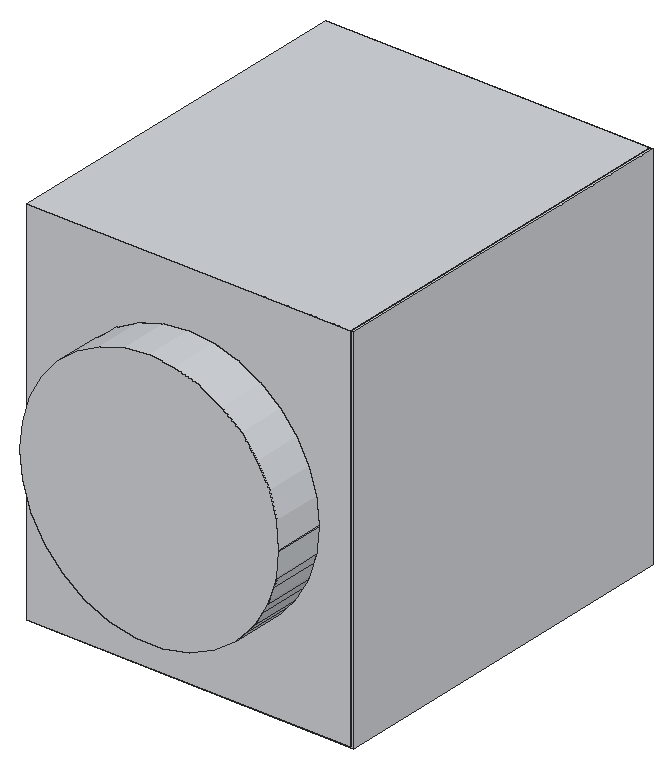
Revit family "M_Plenum de saída VAV - Cotovelo", category Conexões de duto, Revit 2019
Family settings
  Cota do conector redondo = Usar raio
  Tipo de parte = Cotovelo
  Número OmniClass = 23.75.70.11.14.24
  Título OmniClass = Air Mixers
  ID de item do Seek = VAV Outlet Plenum - Elbow-0000-CAN-ENU
  Com base no plano de trabalho = Não
  Sempre na vertical = Sim
  Corte com vazios quando carregada = Não
  Compartilhado = Não
Parameters (values of type "Padrão")
  Comprimento do plenum = 250 mm
  Espessura de revestimento = 0 mm
  Comprimento 2 = 38.1 mm + Espessura do isolamento  # 38.1 mm
  Comprimento 1 = 12.7 mm + Espessura do isolamento  # 12.7 mm
  Espessura do isolamento = 0 mm
  Largura do duto = 250 mm
  Raio do duto = Diâmetro do duto / 2  # 100 mm
  Raio do revestimento do duto = Raio do duto - Espessura de revestimento  # 100 mm
  Raio do isolamento de duto = Raio do duto + Espessura do isolamento  # 100 mm
  Altura do duto = 250 mm
  Diâmetro do duto = 200 mm
Reference planes
  plane 1 "Centro (Frente/Trás)": y = 0
  plane 2: z = 0
  plane 3 "Centro (Esquerda/Direita)": x = 0
  plane 4: x = -125
  plane 5: x = 125
  plane 6: y = 144.05
  plane 7: y = -144.05
  plane 8: x = -137.7
  plane 9: z = -144.05
  plane 10: z = 144.05
  plane 11: y = 125
  plane 12: y = -125
  plane 13: z = 125
  plane 14: z = -125
  plane 15: y = -182.15
  plane 16: x = -125
  plane 17: x = 125
  plane 18: y = 125
  plane 19: y = -125
  plane 20: y = 144.05
  plane 21: y = -144.05
  plane 22: z = 125
  plane 23: z = -125
  plane 24: z = -144.05
  plane 25: z = 144.05
  plane 26: y = 144.05
  plane 27: y = -144.05
  plane 28: x = -125
  plane 29: x = 125
  plane 30: z = 144.05
  plane 31: z = -144.05
  plane 32: y = 125
  plane 33: y = -125
  plane 34: z = 125
  plane 35: z = -125
Forms (mm)
  Extrusion 1, solid
    sketch origin (0, 0, 0) x (1, 0, 0) y (0, 1, 0)
      loop
        line (-125, 144.05) -> (-125, -144.05) -> (127, -144.05) -> (127, 144.05) -> (-125, 144.05)
    from -144.05 to 144.05
  Extrusion 2, solid
    sketch origin (0, 0, 0) x (0, 1, 0) y (0, 0, 1)
      loop
        line (125, 125) -> (-125, 125) -> (-125, -125) -> (125, -125) -> (125, 125)
    from -137.7 to -125
  Extrusion 3, solid
    sketch origin (0, 0, 0) x (1, 0, 0) y (0, 0, 1)
      loop
        circle (0, 0) r 100
    from 144.05 to 182.15
  Extrusion 4, solid
    sketch origin (0, 0, 0) x (1, 0, 0) y (0, 1, 0)
      loop
        line (-137.7, 125) -> (-137.7, -125) -> (-125, -125) -> (-125, 125) -> (-137.7, 125)
    from -125 to 125
  Extrusion 5, solid
    sketch origin (0, 0, 0) x (1, 0, 0) y (0, 1, 0)
      loop
        line (-125, 144.05) -> (-125, -144.05) -> (125, -144.05) -> (125, 144.05) -> (-125, 144.05)
    from -144.05 to 144.05
  Extrusion 6, solid
    sketch origin (0, 0, 0) x (1, 0, 0) y (0, 0, 1)
      loop
        circle (0, 0) r 100
    from 144.05 to 182.15
  Extrusion 7, solid
    sketch origin (0, 0, 0) x (1, 0, 0) y (0, 1, 0)
      loop
        line (-125, 144.05) -> (-125, -144.05) -> (125, -144.05) -> (125, 144.05) -> (-125, 144.05)
    from -144.05 to 144.05
  Extrusion 8, solid
    sketch origin (0, 0, 0) x (1, 0, 0) y (0, 1, 0)
      loop
        line (-137.7, 125) -> (-137.7, -125) -> (-125, -125) -> (-125, 125) -> (-137.7, 125)
    from -125 to 125
  Extrusion 9, solid
    sketch origin (0, 0, 0) x (1, 0, 0) y (0, 0, 1)
      loop
        circle (0, 0) r 100
    from 144.05 to 182.15
Cuts and joins
  joined: Extrusion 4, Extrusion 5, Extrusion 6
Dimensions and locks
  equal spacing: plane 4, plane 3 "Centro (Esquerda/Direita)", plane 5
  "Comprimento do plenum": plane 4 to plane 5
  "Comprimento 1": plane 8 to plane 4
  locked: plane 6 to plane 11 at 19.05
  locked: plane 12 to plane 7 at 19.05
  locked: plane 10 to plane 13 at 19.05
  locked: plane 9 to plane 14 at 19.05
  equal spacing: plane 12, plane 1 "Centro (Frente/Trás)", plane 11
  "Largura do duto": plane 12 to plane 11
  equal spacing: plane 13, plane 2, plane 14
  "Altura do duto": plane 13 to plane 14
  "Espessura de revestimento": plane 4 to plane 16
  "Espessura de revestimento": plane 17 to plane 5
  "Espessura de revestimento": plane 11 to plane 18
  "Espessura de revestimento": plane 12 to plane 19
  "Espessura de revestimento": plane 6 to plane 20
  "Espessura de revestimento": plane 7 to plane 21
  "Espessura de revestimento": plane 22 to plane 13
  "Espessura de revestimento": plane 14 to plane 23
  "Espessura de revestimento": plane 24 to plane 9
  "Espessura de revestimento": plane 25 to plane 10
  "Espessura do isolamento": plane 26 to plane 6
  "Comprimento 2": plane 7 to plane 15
  "Espessura do isolamento": plane 27 to plane 7
  "Espessura do isolamento": plane 28 to plane 4
  "Espessura do isolamento": plane 5 to plane 29
  "Espessura do isolamento": plane 10 to plane 30
  "Espessura do isolamento": plane 31 to plane 9
  "Espessura do isolamento": plane 11 to plane 32
  "Espessura do isolamento": plane 33 to plane 12
  "Espessura do isolamento": plane 34 to plane 13
  "Espessura do isolamento": plane 35 to plane 14
  "Raio do duto": radius of Extrusion 3 sketch curve
  "Raio do revestimento do duto": radius of Extrusion 6 sketch curve
  "Raio do isolamento de duto": radius of Extrusion 9 sketch curve
  aligned and locked: plane 4 to Extrusion 1 sketch curve
  aligned and locked: Extrusion 1 sketch curve to plane 6
  aligned and locked: plane 7 to Extrusion 1 sketch curve
  aligned and locked: Extrusion 1 to plane 9
  aligned and locked: Extrusion 1 to plane 10
  aligned and locked: plane 11 to Extrusion 2 sketch curve
  aligned and locked: Extrusion 2 sketch curve to plane 13
  aligned and locked: plane 12 to Extrusion 2 sketch curve
  aligned and locked: Extrusion 2 sketch curve to plane 14
  aligned and locked: Extrusion 2 to plane 8
  aligned and locked: plane 4 to Extrusion 2
  aligned and locked: plane 2 to Extrusion 3 sketch curve
  aligned and locked: plane 3 "Centro (Esquerda/Direita)" to Extrusion 3 sketch curve
  aligned and locked: plane 7 to Extrusion 3
  aligned and locked: Extrusion 3 to plane 15
  aligned and locked: Extrusion 4 sketch curve to plane 19
  aligned and locked: plane 8 to Extrusion 4 sketch curve
  aligned and locked: Extrusion 4 sketch curve to plane 16
  aligned and locked: Extrusion 4 sketch curve to plane 18
  aligned and locked: Extrusion 4 to plane 23
  aligned and locked: plane 22 to Extrusion 4
  aligned and locked: Extrusion 5 sketch curve to plane 20
  aligned and locked: plane 17 to Extrusion 5 sketch curve
  aligned and locked: plane 16 to Extrusion 5 sketch curve
  aligned and locked: plane 24 to Extrusion 5
  aligned and locked: Extrusion 5 to plane 25
  aligned and locked: plane 2 to Extrusion 6 sketch curve
  aligned and locked: plane 3 "Centro (Esquerda/Direita)" to Extrusion 6 sketch curve
  aligned and locked: Extrusion 6 to plane 21
  aligned and locked: Extrusion 6 to plane 15
  aligned and locked: Extrusion 7 sketch curve to plane 26
  aligned and locked: plane 29 to Extrusion 7 sketch curve
  aligned and locked: Extrusion 7 sketch curve to plane 27
  aligned and locked: plane 28 to Extrusion 7 sketch curve
  aligned and locked: plane 30 to Extrusion 7
  aligned and locked: plane 31 to Extrusion 7
  aligned and locked: plane 32 to Extrusion 8 sketch curve
  aligned and locked: Extrusion 8 sketch curve to plane 33
  aligned and locked: plane 8 to Extrusion 8 sketch curve
  aligned and locked: Extrusion 8 sketch curve to plane 28
  aligned and locked: Extrusion 8 to plane 35
  aligned and locked: plane 34 to Extrusion 8
  aligned and locked: plane 3 "Centro (Esquerda/Direita)" to Extrusion 9 sketch curve
  aligned and locked: plane 2 to Extrusion 9 sketch curve
  aligned and locked: Extrusion 9 to plane 15
  aligned and locked: Extrusion 9 to plane 27
Automatic sketch dimensions
  plane 3 "Centro (Esquerda/Direita)" to Extrusion 1 sketch curve = 127 mm
  plane 19 to Extrusion 5 sketch curve = 19.05 mm
Connectors
  hvac at (-137.7, 0, 0), driven by "Largura do duto", driven by "Altura do duto"
    settings: on Extrusion 2, index 1, duct flow 0.0 L/s, flow factor 0, pres drop 0.0 Pa, loss coef 0, conn angle 0.00°, conn width 250 mm, conn height 250 mm, conn diameter 609.6 mm, duct sys type 28, conn prof type 1, flow config 0, flow direction 0, loss method 0, conn ref index 2, conn util no, is conn primary yes, conn desc ""
  hvac at (0, -182.15, 0), driven by "Raio do duto"
    settings: on Extrusion 3, index 2, duct flow 0.0 L/s, flow factor 0, pres drop 0.0 Pa, loss coef 0, conn angle 0.00°, conn width 304.8 mm, conn height 304.8 mm, conn diameter 200 mm, duct sys type 28, conn prof type 0, flow config 0, flow direction 0, loss method 0, conn ref index 1, conn util no, is conn primary no, conn desc ""
Types in the file's own list only (151): name | Comprimento do plenum | Comprimento 2 | Comprimento 1 | Largura do duto | Raio do duto | Raio do revestimento do duto | Raio do isolamento de duto | Altura do duto | Diâmetro do duto
  250x250-125 | 250 mm | 38 mm | 13 mm | 250 mm | 63 mm | 63 mm | 63 mm | 250 mm | 125 mm
  250x250-150 | 250 mm | 38 mm | 13 mm | 250 mm | 75 mm | 75 mm | 75 mm | 250 mm | 150 mm
  250x250-200 | 250 mm | 38 mm | 13 mm | 250 mm | 100 mm | 100 mm | 100 mm | 250 mm | 200 mm
  300x250-125 | 250 mm | 38 mm | 13 mm | 300 mm | 63 mm | 63 mm | 63 mm | 250 mm | 125 mm
  300x250-150 | 250 mm | 38 mm | 13 mm | 300 mm | 75 mm | 75 mm | 75 mm | 250 mm | 150 mm
  300x250-200 | 250 mm | 38 mm | 13 mm | 300 mm | 100 mm | 100 mm | 100 mm | 250 mm | 200 mm
  350x250-125 | 250 mm | 38 mm | 13 mm | 350 mm | 63 mm | 63 mm | 63 mm | 250 mm | 125 mm
  350x250-150 | 250 mm | 38 mm | 13 mm | 350 mm | 75 mm | 75 mm | 75 mm | 250 mm | 150 mm
  350x250-200 | 250 mm | 38 mm | 13 mm | 350 mm | 100 mm | 100 mm | 100 mm | 250 mm | 200 mm
  400x250-125 | 250 mm | 38 mm | 13 mm | 400 mm | 63 mm | 63 mm | 63 mm | 250 mm | 125 mm
  400x250-150 | 250 mm | 38 mm | 13 mm | 400 mm | 75 mm | 75 mm | 75 mm | 250 mm | 150 mm
  400x250-200 | 250 mm | 38 mm | 13 mm | 400 mm | 100 mm | 100 mm | 100 mm | 250 mm | 200 mm
  450x250-125 | 250 mm | 38 mm | 13 mm | 450 mm | 63 mm | 63 mm | 63 mm | 250 mm | 125 mm
  450x250-150 | 250 mm | 38 mm | 13 mm | 450 mm | 75 mm | 75 mm | 75 mm | 250 mm | 150 mm
  450x250-200 | 250 mm | 38 mm | 13 mm | 450 mm | 100 mm | 100 mm | 100 mm | 250 mm | 200 mm
  500x250-150 | 250 mm | 38 mm | 13 mm | 500 mm | 75 mm | 75 mm | 75 mm | 250 mm | 150 mm
  500x250-200 | 250 mm | 38 mm | 13 mm | 500 mm | 100 mm | 100 mm | 100 mm | 250 mm | 200 mm
  550x250-150 | 250 mm | 38 mm | 13 mm | 550 mm | 75 mm | 75 mm | 75 mm | 250 mm | 150 mm
  550x250-200 | 250 mm | 38 mm | 13 mm | 550 mm | 100 mm | 100 mm | 100 mm | 250 mm | 200 mm
  300x300-150 | 300 mm | 38 mm | 13 mm | 300 mm | 75 mm | 75 mm | 75 mm | 300 mm | 150 mm
  350x300-200 | 300 mm | 38 mm | 13 mm | 350 mm | 100 mm | 100 mm | 100 mm | 300 mm | 200 mm
  350x300-250 | 300 mm | 38 mm | 13 mm | 350 mm | 125 mm | 125 mm | 125 mm | 300 mm | 250 mm
  350x300-150 | 300 mm | 38 mm | 13 mm | 350 mm | 75 mm | 75 mm | 75 mm | 300 mm | 150 mm
  400x300-150 | 300 mm | 38 mm | 13 mm | 400 mm | 75 mm | 75 mm | 75 mm | 300 mm | 150 mm
  400x300-200 | 300 mm | 38 mm | 13 mm | 400 mm | 100 mm | 100 mm | 100 mm | 300 mm | 200 mm
  400x300-250 | 300 mm | 38 mm | 13 mm | 400 mm | 125 mm | 125 mm | 125 mm | 300 mm | 250 mm
  450x300-200 | 300 mm | 38 mm | 13 mm | 450 mm | 100 mm | 100 mm | 100 mm | 300 mm | 200 mm
  450x300-250 | 300 mm | 38 mm | 13 mm | 450 mm | 125 mm | 125 mm | 125 mm | 300 mm | 250 mm
  500x300-200 | 300 mm | 38 mm | 13 mm | 500 mm | 100 mm | 100 mm | 100 mm | 300 mm | 200 mm
  500x300-250 | 300 mm | 38 mm | 13 mm | 500 mm | 125 mm | 125 mm | 125 mm | 300 mm | 250 mm
  550x300-200 | 300 mm | 38 mm | 13 mm | 550 mm | 100 mm | 100 mm | 100 mm | 300 mm | 200 mm
  550x300-250 | 300 mm | 38 mm | 13 mm | 550 mm | 125 mm | 125 mm | 125 mm | 300 mm | 250 mm
  600x300-250 | 300 mm | 38 mm | 13 mm | 600 mm | 125 mm | 125 mm | 125 mm | 300 mm | 250 mm
  700x300-250 | 300 mm | 38 mm | 13 mm | 700 mm | 125 mm | 125 mm | 125 mm | 300 mm | 250 mm
  250x350-200 | 350 mm | 38 mm | 13 mm | 250 mm | 100 mm | 100 mm | 100 mm | 350 mm | 200 mm
  250x350-250 | 350 mm | 38 mm | 13 mm | 250 mm | 125 mm | 125 mm | 125 mm | 350 mm | 250 mm
  250x350-300 | 350 mm | 38 mm | 13 mm | 250 mm | 150 mm | 150 mm | 150 mm | 350 mm | 300 mm
  300x350-200 | 350 mm | 38 mm | 13 mm | 300 mm | 100 mm | 100 mm | 100 mm | 350 mm | 200 mm
  300x350-250 | 350 mm | 38 mm | 13 mm | 300 mm | 125 mm | 125 mm | 125 mm | 350 mm | 250 mm
  300x350-300 | 350 mm | 38 mm | 13 mm | 300 mm | 150 mm | 150 mm | 150 mm | 350 mm | 300 mm
  350x350-200 | 350 mm | 38 mm | 13 mm | 350 mm | 100 mm | 100 mm | 100 mm | 350 mm | 200 mm
  350x350-250 | 350 mm | 38 mm | 13 mm | 350 mm | 125 mm | 125 mm | 125 mm | 350 mm | 250 mm
  350x350-300 | 350 mm | 38 mm | 13 mm | 350 mm | 150 mm | 150 mm | 150 mm | 350 mm | 300 mm
  400x350-200 | 350 mm | 38 mm | 13 mm | 400 mm | 100 mm | 100 mm | 100 mm | 350 mm | 200 mm
  400x350-250 | 350 mm | 38 mm | 13 mm | 400 mm | 125 mm | 125 mm | 125 mm | 350 mm | 250 mm
  400x350-300 | 350 mm | 38 mm | 13 mm | 400 mm | 150 mm | 150 mm | 150 mm | 350 mm | 300 mm
  450x350-200 | 350 mm | 38 mm | 13 mm | 450 mm | 100 mm | 100 mm | 100 mm | 350 mm | 200 mm
  450x350-250 | 350 mm | 38 mm | 13 mm | 450 mm | 125 mm | 125 mm | 125 mm | 350 mm | 250 mm
  450x350-300 | 350 mm | 38 mm | 13 mm | 450 mm | 150 mm | 150 mm | 150 mm | 350 mm | 300 mm
  500x350-200 | 350 mm | 38 mm | 13 mm | 500 mm | 100 mm | 100 mm | 100 mm | 350 mm | 200 mm
  500x350-250 | 350 mm | 38 mm | 13 mm | 500 mm | 125 mm | 125 mm | 125 mm | 350 mm | 250 mm
  500x350-300 | 350 mm | 38 mm | 13 mm | 500 mm | 150 mm | 150 mm | 150 mm | 350 mm | 300 mm
  550x350-200 | 350 mm | 38 mm | 13 mm | 550 mm | 100 mm | 100 mm | 100 mm | 350 mm | 200 mm
  550x350-250 | 350 mm | 38 mm | 13 mm | 550 mm | 125 mm | 125 mm | 125 mm | 350 mm | 250 mm
  550x350-300 | 350 mm | 38 mm | 13 mm | 550 mm | 150 mm | 150 mm | 150 mm | 350 mm | 300 mm
  600x350-250 | 350 mm | 38 mm | 13 mm | 600 mm | 125 mm | 125 mm | 125 mm | 350 mm | 250 mm
  600x350-300 | 350 mm | 38 mm | 13 mm | 600 mm | 150 mm | 150 mm | 150 mm | 350 mm | 300 mm
  650x350-250 | 350 mm | 38 mm | 13 mm | 650 mm | 125 mm | 125 mm | 125 mm | 350 mm | 250 mm
  650x350-300 | 350 mm | 38 mm | 13 mm | 650 mm | 150 mm | 150 mm | 150 mm | 350 mm | 300 mm
  700x350-250 | 350 mm | 38 mm | 13 mm | 700 mm | 125 mm | 125 mm | 125 mm | 350 mm | 250 mm
  700x350-300 | 350 mm | 38 mm | 13 mm | 700 mm | 150 mm | 150 mm | 150 mm | 350 mm | 300 mm
  750x350-300 | 350 mm | 38 mm | 13 mm | 750 mm | 150 mm | 150 mm | 150 mm | 350 mm | 300 mm
  800x350-300 | 350 mm | 38 mm | 13 mm | 800 mm | 150 mm | 150 mm | 150 mm | 350 mm | 300 mm
  850x350-300 | 350 mm | 38 mm | 13 mm | 850 mm | 150 mm | 150 mm | 150 mm | 350 mm | 300 mm
  300x400-250 | 400 mm | 38 mm | 13 mm | 300 mm | 125 mm | 125 mm | 125 mm | 400 mm | 250 mm
  350x400-250 | 400 mm | 38 mm | 13 mm | 350 mm | 125 mm | 125 mm | 125 mm | 400 mm | 250 mm
  350x400-300 | 400 mm | 38 mm | 13 mm | 350 mm | 150 mm | 150 mm | 150 mm | 400 mm | 300 mm
  400x400-250 | 400 mm | 38 mm | 13 mm | 400 mm | 125 mm | 125 mm | 125 mm | 400 mm | 250 mm
  400x400-300 | 400 mm | 38 mm | 13 mm | 400 mm | 150 mm | 150 mm | 150 mm | 400 mm | 300 mm
  400x400-350 | 400 mm | 38 mm | 13 mm | 400 mm | 175 mm | 175 mm | 175 mm | 400 mm | 350 mm
  450x400-250 | 400 mm | 38 mm | 13 mm | 450 mm | 125 mm | 125 mm | 125 mm | 400 mm | 250 mm
  450x400-300 | 400 mm | 38 mm | 13 mm | 450 mm | 150 mm | 150 mm | 150 mm | 400 mm | 300 mm
  450x400-350 | 400 mm | 38 mm | 13 mm | 450 mm | 175 mm | 175 mm | 175 mm | 400 mm | 350 mm
  500x400-250 | 400 mm | 38 mm | 13 mm | 500 mm | 125 mm | 125 mm | 125 mm | 400 mm | 250 mm
  500x400-300 | 400 mm | 38 mm | 13 mm | 500 mm | 150 mm | 150 mm | 150 mm | 400 mm | 300 mm
  500x400-350 | 400 mm | 38 mm | 13 mm | 500 mm | 175 mm | 175 mm | 175 mm | 400 mm | 350 mm
  550x400-250 | 400 mm | 38 mm | 13 mm | 550 mm | 125 mm | 125 mm | 125 mm | 400 mm | 250 mm
  550x400-300 | 400 mm | 38 mm | 13 mm | 550 mm | 150 mm | 150 mm | 150 mm | 400 mm | 300 mm
  550x400-350 | 400 mm | 38 mm | 13 mm | 550 mm | 175 mm | 175 mm | 175 mm | 400 mm | 350 mm
  600x400-250 | 400 mm | 38 mm | 13 mm | 600 mm | 125 mm | 125 mm | 125 mm | 400 mm | 250 mm
  600x400-300 | 400 mm | 38 mm | 13 mm | 600 mm | 150 mm | 150 mm | 150 mm | 400 mm | 300 mm
  600x400-350 | 400 mm | 38 mm | 13 mm | 600 mm | 175 mm | 175 mm | 175 mm | 400 mm | 350 mm
  650x400-250 | 400 mm | 38 mm | 13 mm | 650 mm | 125 mm | 125 mm | 125 mm | 400 mm | 250 mm
  650x400-300 | 400 mm | 38 mm | 13 mm | 650 mm | 150 mm | 150 mm | 150 mm | 400 mm | 300 mm
  650x400-350 | 400 mm | 38 mm | 13 mm | 650 mm | 175 mm | 175 mm | 175 mm | 400 mm | 350 mm
  700x400-250 | 400 mm | 38 mm | 13 mm | 700 mm | 125 mm | 125 mm | 125 mm | 400 mm | 250 mm
  700x400-300 | 400 mm | 38 mm | 13 mm | 700 mm | 150 mm | 150 mm | 150 mm | 400 mm | 300 mm
  700x400-350 | 400 mm | 38 mm | 13 mm | 700 mm | 175 mm | 175 mm | 175 mm | 400 mm | 350 mm
  750x400-350 | 400 mm | 38 mm | 13 mm | 750 mm | 175 mm | 175 mm | 175 mm | 400 mm | 350 mm
  800x400-300 | 400 mm | 38 mm | 13 mm | 800 mm | 150 mm | 150 mm | 150 mm | 400 mm | 300 mm
  800x400-350 | 400 mm | 38 mm | 13 mm | 800 mm | 175 mm | 175 mm | 175 mm | 400 mm | 350 mm
  850x400-300 | 400 mm | 38 mm | 13 mm | 850 mm | 150 mm | 150 mm | 150 mm | 400 mm | 300 mm
  850x400-350 | 400 mm | 38 mm | 13 mm | 850 mm | 175 mm | 175 mm | 175 mm | 400 mm | 350 mm
  900x400-350 | 400 mm | 38 mm | 13 mm | 900 mm | 175 mm | 175 mm | 175 mm | 400 mm | 350 mm
  950x400-350 | 400 mm | 38 mm | 13 mm | 950 mm | 175 mm | 175 mm | 175 mm | 400 mm | 350 mm
  1000x400-350 | 400 mm | 38 mm | 13 mm | 1000 mm | 175 mm | 175 mm | 175 mm | 400 mm | 350 mm
  300x450-300 | 450 mm | 38 mm | 13 mm | 300 mm | 150 mm | 150 mm | 150 mm | 450 mm | 300 mm
  350x450-300 | 450 mm | 38 mm | 13 mm | 350 mm | 150 mm | 150 mm | 150 mm | 450 mm | 300 mm
  350x450-350 | 450 mm | 38 mm | 13 mm | 350 mm | 175 mm | 175 mm | 175 mm | 450 mm | 350 mm
  400x450-300 | 450 mm | 38 mm | 13 mm | 400 mm | 150 mm | 150 mm | 150 mm | 450 mm | 300 mm
  400x450-350 | 450 mm | 38 mm | 13 mm | 400 mm | 175 mm | 175 mm | 175 mm | 450 mm | 350 mm
  400x450-400 | 450 mm | 38 mm | 13 mm | 400 mm | 200 mm | 200 mm | 200 mm | 450 mm | 400 mm
  450x450-300 | 450 mm | 38 mm | 13 mm | 450 mm | 150 mm | 150 mm | 150 mm | 450 mm | 300 mm
  450x450-350 | 450 mm | 38 mm | 13 mm | 450 mm | 175 mm | 175 mm | 175 mm | 450 mm | 350 mm
  450x450-400 | 450 mm | 38 mm | 13 mm | 450 mm | 200 mm | 200 mm | 200 mm | 450 mm | 400 mm
  450x450-450 | 450 mm | 38 mm | 13 mm | 450 mm | 225 mm | 225 mm | 225 mm | 450 mm | 450 mm
  500x450-300 | 450 mm | 38 mm | 13 mm | 500 mm | 150 mm | 150 mm | 150 mm | 450 mm | 300 mm
  500x450-350 | 450 mm | 38 mm | 13 mm | 500 mm | 175 mm | 175 mm | 175 mm | 450 mm | 350 mm
  500x450-400 | 450 mm | 38 mm | 13 mm | 500 mm | 200 mm | 200 mm | 200 mm | 450 mm | 400 mm
  500x450-450 | 450 mm | 38 mm | 13 mm | 500 mm | 225 mm | 225 mm | 225 mm | 450 mm | 450 mm
  550x450-300 | 450 mm | 38 mm | 13 mm | 550 mm | 150 mm | 150 mm | 150 mm | 450 mm | 300 mm
  550x450-350 | 450 mm | 38 mm | 13 mm | 550 mm | 175 mm | 175 mm | 175 mm | 450 mm | 350 mm
  550x450-400 | 450 mm | 38 mm | 13 mm | 550 mm | 200 mm | 200 mm | 200 mm | 450 mm | 400 mm
  550x450-450 | 450 mm | 38 mm | 13 mm | 550 mm | 225 mm | 225 mm | 225 mm | 450 mm | 450 mm
  600x450-300 | 450 mm | 38 mm | 13 mm | 600 mm | 150 mm | 150 mm | 150 mm | 450 mm | 300 mm
  600x450-350 | 450 mm | 38 mm | 13 mm | 600 mm | 175 mm | 175 mm | 175 mm | 450 mm | 350 mm
  600x450-400 | 450 mm | 38 mm | 13 mm | 600 mm | 200 mm | 200 mm | 200 mm | 450 mm | 400 mm
  600x450-450 | 450 mm | 38 mm | 13 mm | 600 mm | 225 mm | 225 mm | 225 mm | 450 mm | 450 mm
  650x450-300 | 450 mm | 38 mm | 13 mm | 650 mm | 150 mm | 150 mm | 150 mm | 450 mm | 300 mm
  650x450-350 | 450 mm | 38 mm | 13 mm | 650 mm | 175 mm | 175 mm | 175 mm | 450 mm | 350 mm
  650x450-400 | 450 mm | 38 mm | 13 mm | 650 mm | 200 mm | 200 mm | 200 mm | 450 mm | 400 mm
  650x450-450 | 450 mm | 38 mm | 13 mm | 650 mm | 225 mm | 225 mm | 225 mm | 450 mm | 450 mm
  700x450-300 | 450 mm | 38 mm | 13 mm | 700 mm | 150 mm | 150 mm | 150 mm | 450 mm | 300 mm
  700x450-350 | 450 mm | 38 mm | 13 mm | 700 mm | 175 mm | 175 mm | 175 mm | 450 mm | 350 mm
  700x450-400 | 450 mm | 38 mm | 13 mm | 700 mm | 200 mm | 200 mm | 200 mm | 450 mm | 400 mm
  700x450-450 | 450 mm | 38 mm | 13 mm | 700 mm | 225 mm | 225 mm | 225 mm | 450 mm | 450 mm
  750x450-300 | 450 mm | 38 mm | 13 mm | 750 mm | 150 mm | 150 mm | 150 mm | 450 mm | 300 mm
  750x450-350 | 450 mm | 38 mm | 13 mm | 750 mm | 175 mm | 175 mm | 175 mm | 450 mm | 350 mm
  750x450-400 | 450 mm | 38 mm | 13 mm | 750 mm | 200 mm | 200 mm | 200 mm | 450 mm | 400 mm
  750x450-450 | 450 mm | 38 mm | 13 mm | 750 mm | 225 mm | 225 mm | 225 mm | 450 mm | 450 mm
  800x450-300 | 450 mm | 38 mm | 13 mm | 800 mm | 150 mm | 150 mm | 150 mm | 450 mm | 300 mm
  800x450-350 | 450 mm | 38 mm | 13 mm | 800 mm | 175 mm | 175 mm | 175 mm | 450 mm | 350 mm
  800x450-400 | 450 mm | 38 mm | 13 mm | 800 mm | 200 mm | 200 mm | 200 mm | 450 mm | 400 mm
  800x450-450 | 450 mm | 38 mm | 13 mm | 800 mm | 225 mm | 225 mm | 225 mm | 450 mm | 450 mm
  850x450-300 | 450 mm | 38 mm | 13 mm | 850 mm | 150 mm | 150 mm | 150 mm | 450 mm | 300 mm
  850x450-350 | 450 mm | 38 mm | 13 mm | 850 mm | 175 mm | 175 mm | 175 mm | 450 mm | 350 mm
  850x450-400 | 450 mm | 38 mm | 13 mm | 850 mm | 200 mm | 200 mm | 200 mm | 450 mm | 400 mm
  850x450-450 | 450 mm | 38 mm | 13 mm | 850 mm | 225 mm | 225 mm | 225 mm | 450 mm | 450 mm
  900x450-350 | 450 mm | 38 mm | 13 mm | 900 mm | 175 mm | 175 mm | 175 mm | 450 mm | 350 mm
  900x450-400 | 450 mm | 38 mm | 13 mm | 900 mm | 200 mm | 200 mm | 200 mm | 450 mm | 400 mm
  900x450-450 | 450 mm | 38 mm | 13 mm | 900 mm | 225 mm | 225 mm | 225 mm | 450 mm | 450 mm
  950x450-350 | 450 mm | 38 mm | 13 mm | 950 mm | 175 mm | 175 mm | 175 mm | 450 mm | 350 mm
  950x450-400 | 450 mm | 38 mm | 13 mm | 950 mm | 200 mm | 200 mm | 200 mm | 450 mm | 400 mm
  950x450-450 | 450 mm | 38 mm | 13 mm | 950 mm | 225 mm | 225 mm | 225 mm | 450 mm | 450 mm
  1000x450-350 | 450 mm | 38 mm | 13 mm | 1000 mm | 175 mm | 175 mm | 175 mm | 450 mm | 350 mm
  1000x450-400 | 450 mm | 38 mm | 13 mm | 1000 mm | 200 mm | 200 mm | 200 mm | 450 mm | 400 mm
  1000x450-450 | 450 mm | 38 mm | 13 mm | 1000 mm | 225 mm | 225 mm | 225 mm | 450 mm | 450 mm
  1050x450-400 | 450 mm | 38 mm | 13 mm | 1050 mm | 200 mm | 200 mm | 200 mm | 450 mm | 400 mm
  1050x450-450 | 450 mm | 38 mm | 13 mm | 1050 mm | 225 mm | 225 mm | 225 mm | 450 mm | 450 mm
  1100x450-400 | 450 mm | 38 mm | 13 mm | 1100 mm | 200 mm | 200 mm | 200 mm | 450 mm | 400 mm
  1100x450-450 | 450 mm | 38 mm | 13 mm | 1100 mm | 225 mm | 225 mm | 225 mm | 450 mm | 450 mm
